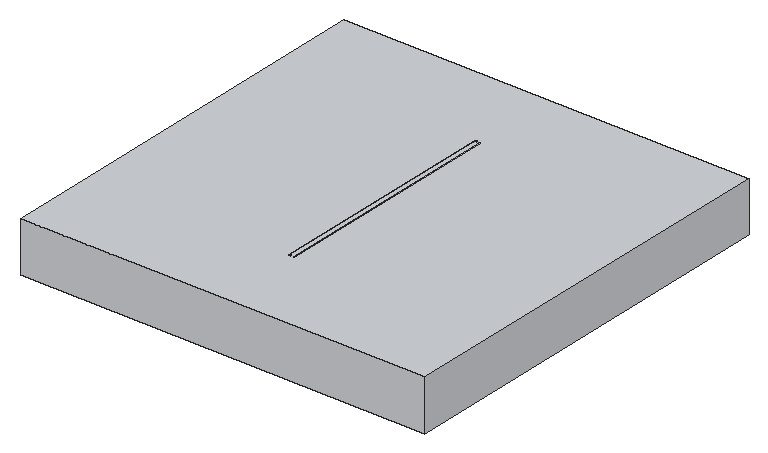
Revit family "LAMP_FIL 35 1400MM OPAL TRIMLESS", category Luminarias, Revit 2018
Family settings
  Anfitrión = Cara
  Cota de conector redondo = Diámetro de uso
  Tipo de pieza = Normal
  Corte con vacíos al cargar = No
  Origen de luz = Sí
  Compartido = No
  Punto de cálculo de habitación = No
Parameters (values of type "1444LM 3000K  WHITE")
  Ángulo de inclinación = -90.00°
  Weight = 3.35 kg
  Wattage = 14.4 W
  Type = "MID POWER TRIDONIC"
  built-in parameter 1150107 = 3000 (stored number, unit not read)
  Recessed dimensions = "1407x52x0"
  built-in parameter 1150110 = 1 (stored number, unit not read)
  built-in parameter 1150109 = 1 (stored number, unit not read)
  built-in parameter 1150112 = 1 (stored number, unit not read)
  built-in parameter 1150113 = 1 (stored number, unit not read)
  built-in parameter 1114218 = 1 (stored number, unit not read)
  Protection rating = "IP20 / IK07"
  Product datasheet = "http://www.lamp.es/product-files/TECH/F31TR140LOOP830NW-EN.pdf"
  Product code = "F31TR140LOOP830NW"
  Product URL = "https://www.lamp.es/en/family/fil-35_413911"
  Power Supply = "220-240V 50/60Hz"
  Power = 14 W
  Plum = 14.4 W
  Photobiological risk = ""
  NOT COVER 2 [instance] = not(END COVER 2)  # no
  NOT COVER 1 [instance] = not(END COVER 1)  # no
  built-in parameter 1150137 = (empty or 0)
  built-in parameter 1150132 = 2
  Modelo = Product code  # "F31TR140LOOP830NW"
  Model Explanation = ""
  Material suspension = LAMP_Acero genérico
  Material perfil = LAMP_Aluminio Perfil Fil BL
  Material difusor = LAMP_PC Difusor Opal Fil
  Manufacturer name = "LAMP"
  Manufacturer country = "Spain"
  Manufacturer URL = "http://www.lamp.es/en"
  MacAdam = "3"
  Longitud de línea de emisión = 1400 mm
  Last update = "06/05/2021"
  Lamp = "MID-POWER LED"
  LED Lifetime = "50.000 L90 B10"
  built-in parameter 1150105 = 570.73 (stored number, unit not read)
  built-in parameter 1150102 = (empty or 0)
  Insulation class = "I"
  Installation instructions = "https://www.lamp.es/product-files/INS/1004590-A%20INSTR.%20FIL35.pdf"
  built-in parameter 1150106 = 5.7073 (stored number, unit not read)
  IEE = "A+"
  Gear = "Electronic"
  Lumens = 1444.32 lm
  Finish = "Matte white RAL 9010"
  Color Filter = 16777215
  built-in parameter 1114217 = 1 (stored number, unit not read)
  built-in parameter 1150139 = (empty or 0)
  Fabricante = Manufacturer name  # "LAMP"
  Default Elevation = 1219.2 mm
  built-in parameter 1150104 = 9.3182 (stored number, unit not read)
  Efficacy = 100.3 lm/W
  END COVER 2 [instance] = yes
  END COVER 1 [instance] = yes
  Dimensions = "1400x51x76"
  Descripción = "FIL35 TRIM 1400 2000 WW OPAL WH."
  built-in parameter 1150115 = 1 (stored number, unit not read)
  built-in parameter 1150114 = 1 (stored number, unit not read)
  built-in parameter 1150138 = (empty or 0)
  built-in parameter 1150134 = 3
  Dimming Lamp Color Temperature Shift = (empty or 0)
  CRI = "80"
  Archivo de red fotométrica = "F31TR140LOOP830NW.IES"
  built-in parameter 1150133 = 10 (stored number, unit not read)
Types (4, lengths in mm): name | built-in parameter 1150107 | Product datasheet | Product code | Modelo | built-in parameter 1150105 | built-in parameter 1150106 | Lumens | built-in parameter 1150104 | Efficacy | Descripción | Archivo de red fotométrica
  1444LM 3000K DALI WHITE | 3000 (stored number, unit not read) | "http://www.lamp.es/product-files/TECH/F31TR140LOOP830DW-EN.pdf" | "F31TR140LOOP830DW" | "F31TR140LOOP830DW" | 570.73 (stored number, unit not read) | 5.7073 (stored number, unit not read) | 1444.32 lm | 9.3182 (stored number, unit not read) | 100.3 lm/W | "FIL35 TRIM 1400 2000 WW OPAL DALI WH." | "F31TR140LOOP830nW.IES"
  1444LM 3000K  WHITE | 3000 (stored number, unit not read) | "http://www.lamp.es/product-files/TECH/F31TR140LOOP830NW-EN.pdf" | "F31TR140LOOP830NW" | "F31TR140LOOP830NW" | 570.73 (stored number, unit not read) | 5.7073 (stored number, unit not read) | 1444.32 lm | 9.3182 (stored number, unit not read) | 100.3 lm/W | "FIL35 TRIM 1400 2000 WW OPAL WH." | "F31TR140LOOP830NW.IES"
  1520LM 4000K DALI WHITE | 4000 (stored number, unit not read) | "http://www.lamp.es/product-files/TECH/F31TR140LOOP840DW-EN.pdf" | "F31TR140LOOP840DW" | "F31TR140LOOP840DW" | 600.88 (stored number, unit not read) | 6.0088 (stored number, unit not read) | 1520.64 lm | 9.8106 (stored number, unit not read) | 105.6 lm/W | "FIL35 TRIM 1400 2000 NW OPAL DALI WH." | "F31TR140LOOP840nW.IES"
  1520LM 4000K  WHITE | 4000 (stored number, unit not read) | "http://www.lamp.es/product-files/TECH/F31TR140LOOP840NW-EN.pdf" | "F31TR140LOOP840NW" | "F31TR140LOOP840NW" | 600.88 (stored number, unit not read) | 6.0088 (stored number, unit not read) | 1520.64 lm | 9.8106 (stored number, unit not read) | 105.6 lm/W | "FIL35 TRIM 1400 2000 NW OPAL WH." | "F31TR140LOOP840NW.IES"
Reference planes
  plane 1 "Centro (Frontal/Posterior)": y = 0
  plane 2: z = 0
  plane 3 "Centro (Izquierda/Derecha)": x = 0
Forms (mm)
  Extrusion 1, solid
    sketch origin (0, 0, 0) x (1, 0, 0) y (0, 1, 0)
      loop
        line (-1219.2, 1219.2) -> (-1219.2, -1219.2) -> (1219.2, -1219.2) -> (1219.2, 1219.2) -> (-1219.2, 1219.2)
    from 0 to -304.8
  Extrusion 2, solid, material "LAMP_Aluminio Perfil Fil BL" <- "Material perfil"
    sketch origin (0, 0, -281.8) x (1, 0, 0) y (0, 0, 1)
      loop
        line (-17.5, 205.82) -> (0, 205.82) -> (17.5, 205.82) -> (17.5, 270.3) -> (25.5, 270.3) -> (25.5, 271.8) -> (17.5, 271.8) -> (17.5, 280.8) -> (16.5, 281.8) -> (16.5, 259) -> (0, 259) -> (-16.5, 259) -> (-16.5, 281.8) -> (-17.5, 280.8) -> (-17.5, 271.8) -> (-25.5, 271.8) -> (-25.5, 270.3) -> (-17.5, 270.3) -> (-17.5, 205.82)
    from -700 to 700
  Extrusion 3, solid, material "LAMP_PC Difusor Opal Fil" <- "Material difusor"
    sketch origin (0, 0, -283) x (1, 0, 0) y (0, 0, 1)
      loop
        line (-16.5, 283) -> (-16.5, 281.8) -> (16.5, 281.8) -> (16.5, 283) -> (-16.5, 283)
    from -700 to 700
Text (mm)
  text "Any modification of the parameters and properties of the LAMP BIM models must be executed and validated by the LAMP technical department.\nPhone: +34 93 736 68 00\nE-mail: lamp@lamp.es\n\nLAMP reserves the right to modify the technical specifications of its products." at (3134.814, 5301.691, -2867.848), in view "Preview"
Dimensions and locks
  aligned and locked: plane 2 to Extrusion 1
  aligned and locked: level to Extrusion 1
Nested families
  nested 1: "LAMP_FIL 35 END COVER TRIMLESS" at (0, -701, -76), visible <- "END COVER 1", type "Blanco"
  nested 2: "LAMP_FIL 35 END COVER TRIMLESS" at (0, 701, -76), visible <- "END COVER 2", type "Blanco"
Connectors
  electrical at (0, 0, -75.3)
    settings: on Extrusion 2, index 1, voltage 230 V, apparent load 0 VA, apparent load phase1 0 VA, apparent load phase2 0 VA, apparent load phase3 0 VA, power factor 1, load classification "Otro", number of poles 1, system type 31, power factor state 1, is connector primary yes, connector utility no, sub classification motor no, connector description ""
Definition of nested family "LAMP_FIL 35 END COVER TRIMLESS"
  Parameters (values of type "Blanco")
    Material tapa = none
  Reference planes
    plane 1 "Centro (Frontal/Posterior)": y = 0
    plane 2: z = 0
    plane 3 "Centro (Izquierda/Derecha)": x = 0
  Forms (mm)
    Extrusion 1, solid, material <- "Material tapa"
      sketch origin (0, 0, 0) x (0, -1, 0) y (0, 0, 1)
        loop
          line (0, 0) -> (1, 0) -> (1, 76) -> (-1, 76) -> (-1, 0) -> (0, 0)
      from -17.5 to 17.5
    Extrusion 2, void
      sketch origin (-1, 0, 65.55) x (1, 0, 0) y (0, 0, 1)
        loop
          line (18.5, 0) -> (18.5, 10.45) -> (17.5, 10.45) -> (17.5, 0) -> (18.5, 0)
      from -23.5 to 23.5
    Extrusion 3, void
      sketch origin (1, 0, 65.55) x (-1, 0, 0) y (0, 0, -1)
        loop
          line (18.5, 0) -> (17.5, 0) -> (17.5, -10.45) -> (18.5, -10.45) -> (18.5, 0)
      from -23.5 to 23.5
  Cuts and joins
    Extrusion 2, Extrusion 3 cuts Extrusion 1
  Dimensions and locks
    aligned and locked: level to plane 2
